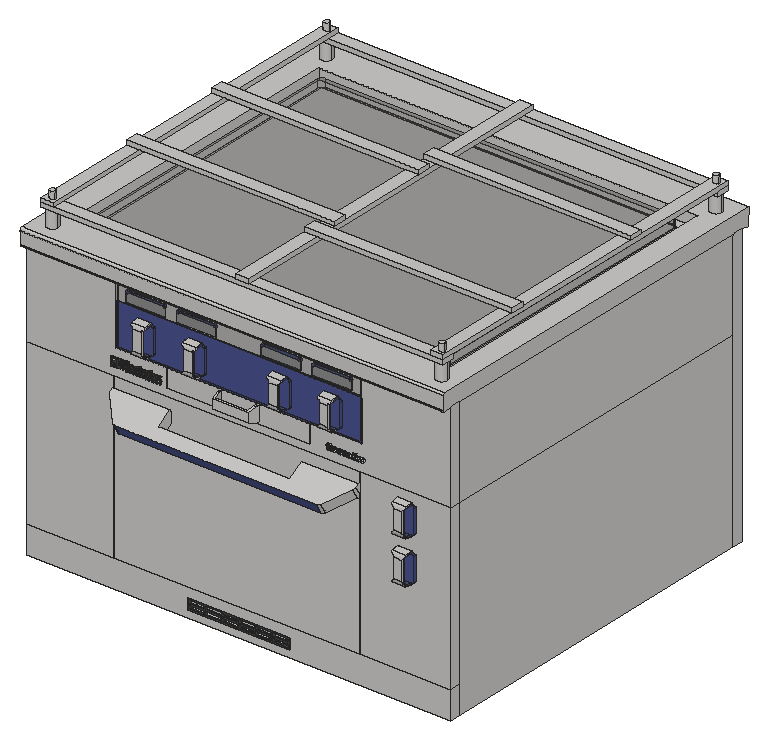
Revit family "QF_ELECTROLUXPROFESSIONAL_589882_MCLLEAJ8DM", category Specialty Equipment, Revit 2014
Parameters
  Weight in Pounds = 487.22
  URL Cutsheet = ""
  Type Mark [instance] = ""
  Specification by User [instance] = ""
  Specification by Manufacturer = ""
  Serial Number = ""
  Seismic Rating = ""
  SMACNA No = ""
  Revision Code [instance] = ""
  Omniclass Number and Title = ""
  NAFEM Spec ID Number = ""
  Model = "589585"
  Masterspec = ""
  Manufacturer = "ELECTROLUX"
  Item Number [instance] = ""
  Installed By [instance] = ""
  Identify Quantity as Lot [instance] = yes
  Furnished By [instance] = ""
  Foodservice Equipment Identifier [instance] = yes
  Description = "FULL IND+STAT.OVEN,TAP(L)1S,1200X900X700"
  CSI MasterFormat = ""
  CSI Master Format = ""
Reference planes
  plane 1 "BACK": y = 0
  plane 2: z = 0
  plane 3 "LEFT": x = -100
  plane 4 "RIGHT": x = 900
  plane 5 "FRONT": y = -900
  plane 6 "TOP": z = 900
  plane 7 "Center (Left/Right)": x = 400
  plane 8: y = -450
  plane 9: z = 200
  plane 10: y = -150
  plane 11 "Panel": y = -855
  plane 12: z = 798
  plane 13: z = 1327
  plane 14: x = -22
  plane 15: x = 822
  plane 16: y = -150
  plane 17: y = -650
  plane 18 "EIx": x = 855
  plane 19 "EIy": y = -685
  plane 20: y = -880
  plane 21 "G1": z = 940
  plane 22 "TOPG": z = 975
  plane 23 "G2": z = 950
  plane 24 "G3": z = 960
  plane 25: x = -60
  plane 26: y = -45
  plane 27: x = 860
Forms (mm)
  Extrusion 1, solid, material "QF_Finishes_Stainless Steel"
    sketch origin (-178.969, -4572, 200) x (-1, 0, 0) y (0, -1, 0)
      loop
        line (-78.969, -4527) -> (-78.969, -3717) -> (-1078.969, -3717) -> (-1078.969, -4527) -> (-78.969, -4527)
    from 450 to 663
  Extrusion 2, solid, material "QF_Finishes_Stainless Steel"
    sketch origin (-100, 0, 0) x (0, 1, 0) y (0, 0, 1)
      loop
        line (-855, 200) -> (-855, 265) -> (-880, 265) -> (-880, 200) -> (-855, 200)
    from 0 to 1000
  Extrusion 3, solid, material "QF_Finishes_Stainless Steel"
    sketch origin (-488.969, -4662, 200) x (-1, 0, 0) y (0, -1, 0)
      loop
        circle (-1343.969, -3977) r 6.35
    from 0 to -11.851
  Extrusion 4, solid, material "QF_Finishes_Stainless Steel"
    sketch origin (400, 296.4, 1219.2) x (0, 1, 0) y (0, 0, 1)
      loop
        line (-296.4, -319.2) -> (-1191.4, -319.2)
        arc (-1191.4, -319.2) -> (-1194.935, -320.664) -> (-1196.4, -324.2) r 5
        line (-1196.4, -324.2) -> (-1196.4, -355.2)
        arc (-1196.4, -355.2) -> (-1194.971, -358.264) -> (-1191.705, -359.139) r 4
        line (-1191.705, -359.139) -> (-1176.4, -356.231) -> (-316.4, -356.231) -> (-301.094, -359.139)
        arc (-301.094, -359.139) -> (-297.829, -358.264) -> (-296.4, -355.2) r 4
        line (-296.4, -355.2) -> (-296.4, -319.2)
    from -500 to 500
  Extrusion 5, solid, material "QF_Finishes_Electrolux_Black Smoke Iluminated"
    sketch origin (0, 0, 900) x (-1, 0, 0) y (0, -1, 0)
      loop
        arc (12, 109) -> (19.071, 111.929) -> (22, 119) r 10
        line (22, 119) -> (22, 780)
        arc (22, 780) -> (19.071, 787.071) -> (12, 790) r 10
        line (12, 790) -> (-812, 790)
        arc (-812, 790) -> (-819.071, 787.071) -> (-822, 780) r 10
        line (-822, 780) -> (-822, 119)
        arc (-822, 119) -> (-819.071, 111.929) -> (-812, 109) r 10
        line (-812, 109) -> (12, 109)
    from 0 to -20
  Extrusion 6, solid, material "QF_Finishes_Stainless Steel"
    sketch origin (-178.969, -4572, 200) x (-1, 0, 0) y (0, -1, 0)
      loop
        line (-78.969, -4527) -> (-78.969, -3717) -> (-1078.969, -3717) -> (-1078.969, -4527) -> (-78.969, -4527)
    from 450 to 0
  Extrusion 7, void
    sketch origin (0, -855, 0) x (-1, 0, 0) y (0, 0, 1)
      loop
        line (-520, 216.594) -> (-280, 216.594) -> (-280, 241.594) -> (-520, 241.594) -> (-520, 216.594)
    from 0 to -25
  Extrusion 8, solid, material "QF_Finishes_Black"
    sketch origin (0, -855, 0) x (-1, 0, 0) y (0, 0, 1)
      loop
        line (-280, 241.594) -> (-520, 241.594) -> (-520, 216.594) -> (-280, 216.594) -> (-280, 241.594)
      loop
        line (-282, 239.594) -> (-319.131, 239.594) -> (-319.131, 230.094) -> (-282, 230.094) -> (-282, 239.594)
      loop
        line (-282, 218.594) -> (-282, 228.094) -> (-319.131, 228.094) -> (-319.131, 218.594) -> (-282, 218.594)
      loop
        line (-321.131, 239.594) -> (-359.066, 239.594) -> (-359.066, 230.094) -> (-321.131, 230.094) -> (-321.131, 239.594)
      loop
        line (-399, 239.594) -> (-399, 230.094) -> (-361.066, 230.094) -> (-361.066, 239.594) -> (-399, 239.594)
      loop
        line (-401, 239.594) -> (-438.934, 239.594) -> (-438.934, 230.094) -> (-401, 230.094) -> (-401, 239.594)
      loop
        line (-359.066, 218.594) -> (-321.131, 218.594) -> (-321.131, 228.094) -> (-359.066, 228.094) -> (-359.066, 218.594)
      loop
        line (-361.066, 218.594) -> (-361.066, 228.094) -> (-399, 228.094) -> (-399, 218.594) -> (-361.066, 218.594)
      loop
        line (-401, 228.094) -> (-438.934, 228.094) -> (-438.934, 218.594) -> (-401, 218.594) -> (-401, 228.094)
      loop
        line (-518, 239.594) -> (-518, 230.094) -> (-480.869, 230.094) -> (-480.869, 239.594) -> (-518, 239.594)
      loop
        line (-518, 218.594) -> (-480.869, 218.594) -> (-480.869, 228.094) -> (-518, 228.094) -> (-518, 218.594)
      loop
        line (-478.869, 239.594) -> (-478.869, 230.094) -> (-440.934, 230.094) -> (-440.934, 239.594) -> (-478.869, 239.594)
      loop
        line (-440.934, 218.594) -> (-440.934, 228.094) -> (-478.869, 228.094) -> (-478.869, 218.594) -> (-440.934, 218.594)
    from -25.03 to -20
  Extrusion 9, void
    sketch origin (0, 0, 900) x (-1, 0, 0) y (0, -1, 0)
      loop
        line (47, 815) -> (-847, 815) -> (-847, 84) -> (47, 84) -> (47, 815)
    from 0 to -25
  Extrusion 10, solid, material "QF_Finishes_Stainless Steel"
    sketch origin (0, 0, 900) x (-1, 0, 0) y (0, -1, 0)
      loop
        line (18, 113) -> (18, 786) -> (-818, 786) -> (-818, 113) -> (18, 113)
    from -20 to -25
  Extrusion 11, solid, material "QF_Finishes_Stainless Steel"
    sketch origin (400, 296.4, 1219.169) x (0, 1, 0) y (0, 0, 1)
      loop
        line (-341.4, -356.2) -> (-341.4, -1019.169) -> (-316.4, -1019.169) -> (-316.4, -356.2) -> (-341.4, -356.2)
    from -500 to 500
  Extrusion 12, solid, material "QF_Finishes_Stainless Steel"
    sketch origin (0, 0, 940) x (0, 1, 0) y (-1, 0, 0)
      loop
        line (-30, 75) -> (-60, 75) -> (-60, -875) -> (-30, -875) -> (-30, 75)
      loop
        line (-870, 75) -> (-870, -875) -> (-840, -875) -> (-840, 75) -> (-870, 75)
      loop
        circle (-855, 60) r 6.5
      loop
        circle (-855, -860) r 6.5
      loop
        circle (-45, 60) r 6.5
      loop
        circle (-45, -860) r 6.5
    from 0 to 10
  Extrusion 13, solid, material "QF_Finishes_Stainless Steel"
    sketch origin (0, 0, 950) x (0, 1, 0) y (-1, 0, 0)
      loop
        line (-30, 75) -> (-870, 75) -> (-870, 45) -> (-30, 45) -> (-30, 75)
      loop
        line (-30, -875) -> (-30, -845) -> (-870, -845) -> (-870, -875) -> (-30, -875)
      loop
        line (-30, -415) -> (-30, -385) -> (-870, -385) -> (-870, -415) -> (-30, -415)
      loop
        circle (-45, 60) r 6.5
      loop
        circle (-45, -860) r 6.5
      loop
        circle (-855, 60) r 6.5
      loop
        circle (-855, -860) r 6.5
    from 0 to 10
  Extrusion 14, solid, material "QF_Finishes_Stainless Steel"
    sketch origin (0, 0, 960) x (0, 1, 0) y (-1, 0, 0)
      loop
        line (-336, 75) -> (-366, 75) -> (-366, -415) -> (-336, -415) -> (-336, 75)
      loop
        line (-586, 75) -> (-616, 75) -> (-616, -415) -> (-586, -415) -> (-586, 75)
      loop
        line (-286, -385) -> (-316, -385) -> (-316, -875) -> (-286, -875) -> (-286, -385)
      loop
        line (-636, -385) -> (-666, -385) -> (-666, -875) -> (-636, -875) -> (-636, -385)
    from 0 to 10
  Extrusion 15, solid, material "QF_Finishes_Stainless Steel"
    sketch origin (0, -1, 900) x (-1, 0, 0) y (0, -1, 0)
      loop
        circle (60, 44) r 13
      loop
        circle (-860, 44) r 13
      loop
        circle (60, 854) r 13
      loop
        circle (-860, 854) r 13
    from 0 to 40
  Extrusion 16, solid, material "QF_Finishes_Stainless Steel"
    sketch origin (0, -1, 940) x (0, 1, 0) y (-1, 0, 0)
      loop
        circle (-854, 60) r 6.5
      loop
        circle (-854, -860) r 6.5
      loop
        circle (-44, 60) r 6.5
      loop
        circle (-44, -860) r 6.5
    from 0 to 35
Cuts and joins
  Extrusion 7 cuts Extrusion 6
  Extrusion 7 cuts Extrusion 2
  Extrusion 9 cuts Extrusion 4
Lines and regions (mm)
  symbolic lines
    curve 1: line (-100, 0, 200) -> (900, 0, 200)
    curve 2: line (-100, -900, 200) -> (-100, 0, 200)
    curve 3: line (900, -900, 200) -> (-100, -900, 200)
    curve 4: line (900, 0, 200) -> (900, -900, 200)
    curve 5: line (812, -109, 200) -> (415, -109, 200)
    curve 6: line (-22, -119, 200) -> (-22, -780, 200)
    curve 7: line (-12, -790, 200) -> (385, -790, 200)
    curve 8: line (822, -780, 200) -> (822, -666, 200)
    curve 9: arc (-12, -109, 200) -> (-19.071, -111.929, 200) -> (-22, -119, 200) r 10
    curve 10: arc (822, -119, 200) -> (819.071, -111.929, 200) -> (812, -109, 200) r 10
    curve 11: arc (812, -790, 200) -> (819.071, -787.071, 200) -> (822, -780, 200) r 10
    curve 12: arc (-22, -780, 200) -> (-19.071, -787.071, 200) -> (-12, -790, 200) r 10
    curve 13: line (847, -84, 900) -> (415, -84, 900)
    curve 14: line (-45, -815, 900) -> (385, -815, 900)
    curve 31: line (875, -30, 940) -> (-75, -30, 940)
    curve 32: line (-75, -30, 940) -> (-75, -870, 940)
    curve 33: line (875, -870, 940) -> (875, -30, 940)
    curve 34: line (-75, -870, 940) -> (875, -870, 940)
    curve 35: line (-45, -870, 940) -> (-45, -616, 940)
    curve 36: line (-75, -616, 940) -> (415, -616, 940)
    curve 37: line (415, -586, 940) -> (-75, -586, 940)
    curve 38: line (385, -666, 940) -> (875, -666, 940)
    curve 39: line (875, -636, 940) -> (385, -636, 940)
    curve 40: line (385, -316, 940) -> (875, -316, 940)
    curve 41: line (875, -286, 940) -> (385, -286, 940)
    curve 42: line (-75, -366, 940) -> (415, -366, 940)
    curve 43: line (415, -336, 940) -> (-75, -336, 940)
    curve 44: line (-45, -30, 940) -> (-45, -336, 940)
    curve 45: line (-45, -366, 940) -> (-45, -586, 940)
    curve 46: line (-45, -616, 940) -> (-45, -870, 940)
    curve 47: line (-45, -840, 940) -> (385, -840, 940)
    curve 48: line (415, -840, 940) -> (845, -840, 940)
    curve 49: line (415, -870, 940) -> (415, -666, 940)
    curve 50: line (385, -616, 940) -> (385, -870, 940)
    curve 51: line (415, -636, 940) -> (415, -316, 940)
    curve 52: line (385, -366, 940) -> (385, -586, 940)
    curve 53: line (415, -30, 940) -> (415, -286, 940)
    curve 54: line (385, -336, 940) -> (385, -30, 940)
    curve 55: line (845, -30, 940) -> (845, -286, 940)
    curve 56: line (845, -316, 940) -> (845, -636, 940)
    curve 57: line (845, -666, 940) -> (845, -870, 940)
    curve 58: line (385, -84, 900) -> (-45, -84, 900)
    curve 59: line (385, -109, 200) -> (-12, -109, 200)
    curve 60: line (-45, -60, 940) -> (385, -60, 940)
    curve 61: line (415, -60, 940) -> (845, -60, 940)
    curve 62: line (415, -790, 200) -> (812, -790, 200)
    curve 63: line (415, -815, 900) -> (845, -815, 900)
    curve 64: circle (-60, -45, 940) r 6.5 normal (0, 0, -1)
    curve 65: circle (860, -45, 940) r 6.5 normal (0, 0, -1)
    curve 66: circle (-60, -855, 940) r 6.5 normal (0, 0, 1)
    curve 67: circle (860, -855, 940) r 6.5 normal (0, 0, 1)
    curve 68: line (822, -286, 200) -> (822, -119, 200)
    curve 69: line (822, -636, 200) -> (822, -316, 200)
  model lines, style "SpecialityEquipment"
    curve 15: arc (634, -211, 900) -> (580.967, -339.033, 900) -> (709, -286, 900) r 75
    curve 16: line (689, -286, 900) -> (729, -286, 900)
    curve 17: line (729, -286, 900) -> (709, -266, 900)
    curve 18: line (689, -286, 900) -> (709, -266, 900)
    curve 19: arc (166, -211, 900) -> (112.967, -339.033, 900) -> (241, -286, 900) r 75
    curve 20: line (221, -286, 900) -> (261, -286, 900)
    curve 21: line (261, -286, 900) -> (241, -266, 900)
    curve 22: line (221, -286, 900) -> (241, -266, 900)
    curve 23: arc (634, -539, 900) -> (580.967, -667.033, 900) -> (709, -614, 900) r 75
    curve 24: line (689, -614, 900) -> (729, -614, 900)
    curve 25: line (729, -614, 900) -> (709, -594, 900)
    curve 26: line (689, -614, 900) -> (709, -594, 900)
    curve 27: arc (166, -539, 900) -> (112.967, -667.033, 900) -> (241, -614, 900) r 75
    curve 28: line (221, -614, 900) -> (261, -614, 900)
    curve 29: line (261, -614, 900) -> (241, -594, 900)
    curve 30: line (221, -614, 900) -> (241, -594, 900)
Dimensions and locks
  plane 3 "LEFT" to plane 4 "RIGHT" = 1000 mm
  plane 5 "FRONT" to plane 1 "BACK" = 900 mm
  plane 3 "LEFT" to plane 7 "Center (Left/Right)" to plane 4 "RIGHT" = 500 mm, 500 mm
  plane 5 "FRONT" to plane 8 to plane 1 "BACK" = 450 mm, 450 mm
  plane 6 "TOP" to level = 900 mm  (x2)
  plane 9 to level = 200 mm
  plane 1 "BACK" to plane 10 to plane 11 "Panel" = 150 mm, 705 mm  (x2)
  plane 6 "TOP" to plane 9 to level = 700 mm, 200 mm
  plane 1 "BACK" to plane 5 "FRONT" = 900 mm
  plane 1 "BACK" to Extrusion 3 = 685 mm
  plane 12 to plane 9 = 598 mm
  plane 13 to plane 6 "TOP" = 427 mm
  plane 6 "TOP" to plane 12 = 102 mm
  plane 14 to plane 3 "LEFT" = 78 mm
  plane 15 to plane 4 "RIGHT" = 78 mm
  locked: plane 1 "BACK" to plane 16 at 150
  locked: plane 16 to plane 17 at 500
  plane 11 "Panel" to plane 5 "FRONT" = 45 mm
  plane 18 "EIx" to plane 4 "RIGHT" = 45 mm
  plane 19 "EIy" to plane 1 "BACK" = 685 mm
  locked: plane 11 "Panel" to plane 20 at 25
  plane 22 "TOPG" to plane 6 "TOP" = 75 mm
  plane 21 "G1" to plane 6 "TOP" = 40 mm
  plane 23 "G2" to plane 21 "G1" = 10 mm
  plane 24 "G3" to plane 23 "G2" = 10 mm
  aligned and locked: level to plane 2
  aligned and locked: Extrusion 2 to plane 4 "RIGHT"
  aligned and locked: cut or joined group of Extrusion 4, Extrusion 9 to plane 3 "LEFT"
  aligned and locked: cut or joined group of Extrusion 4, Extrusion 9 to plane 4 "RIGHT"
  aligned and locked: cut or joined group of Extrusion 6, Extrusion 7 to plane 4 "RIGHT"
  aligned and locked: cut or joined group of Extrusion 6, Extrusion 7 to plane 3 "LEFT"
  aligned and locked: nested 1 to plane 11 "Panel"
  aligned and locked: nested 4 to plane 11 "Panel"
  aligned and locked: Extrusion 1 to plane 11 "Panel"
  aligned and locked: plane 11 "Panel" to cut or joined group of Extrusion 2, Extrusion 7
  aligned and locked: nested 2 to plane 20
  aligned and locked: nested 3 to plane 20
  aligned and locked: Extrusion 11 to plane 4 "RIGHT"
  aligned and locked: Extrusion 1 to plane 3 "LEFT"
  aligned and locked: Extrusion 11 to plane 3 "LEFT"
  aligned and locked: Extrusion 1 to plane 4 "RIGHT"
  aligned and locked: plane 3 "LEFT" to nested 1
  aligned and locked: Extrusion 11 to plane 9
  aligned and locked: plane 22 "TOPG" to Extrusion 16
Nested families
  nested 1: "Door_Panel_W1000_A" at (400, -855, 0), type "Door_Panel_W1000_A"
  nested 2: "FIT Range Control Handle" at (795, -883.137, -372.751), type "FIT Range Control Handle"
  nested 3: "FIT Range Control Handle" at (795, -883.137, -474.751), type "FIT Range Control Handle"
  nested 4: "Front_Panel_W1000_Four Knobs_Marine" at (102.376, -855, 0), type "Front_Panel_W1000_Four Knobs_Marine"
Connectors
  electrical at (855, -685, 188.149)
    settings: on Extrusion 3, index 1, voltage 400 V, apparent load 33000 VA, apparent load phase1 0 VA, apparent load phase2 0 VA, apparent load phase3 0 VA, power factor 1, load classification "Other", number of poles 1, system type 30, power factor state 1, is connector primary yes, connector utility no, sub classification motor no, connector description "ELECTRICAL CONNECTION"
Definition of nested family "Door_Panel_W1000_A"
  Reference planes
    plane 1 "Center (Front/Back)": y = 0
    plane 2 "Ref. Level": z = 0
    plane 3: x = 500
    plane 4: x = -500
    plane 5 "Center (Left/Right)": x = 0
    plane 6: x = -295
    plane 7: x = 285
    plane 8 "Manopola": through (-6096, -50.059, 612.389) normal (0, -0.515, 0.8572)
    plane 9 "Top": z = 650
    plane 10: z = 265
    plane 11: z = 200
  Forms (mm)
    Extrusion 1, solid, material "QF_Finishes_Stainless Steel"
      sketch origin (0, 0, 0) x (0, 1, 0) y (0, 0, 1)
        loop
          line (-25.03, 650) -> (-25.03, 265) -> (0, 265) -> (0, 650) -> (-25.03, 650)
      from 285 to 500
    Extrusion 2, solid, material "QF_Finishes_Stainless Steel"
      sketch origin (0, 0, 0) x (0, 1, 0) y (0, 0, 1)
        loop
          line (-25.03, 650) -> (-25.03, 265) -> (0, 265) -> (0, 650) -> (-25.03, 650)
      from -500 to -295
    Extrusion 3, solid, material "QF_Finishes_Stainless Steel"
      sketch origin (0, 0, 0) x (0, 1, 0) y (0, 0, 1)
        loop
          line (-25.03, 650) -> (-25.03, 265) -> (0, 265) -> (0, 650) -> (-25.03, 650)
      from -295 to 285
    Extrusion 4, solid, material "QF_Finishes_Stainless Steel"
      sketch origin (0, -283.633, 472.044) x (0, 0.857167, 0.515038) y (-1, 0, 0)
        loop
          line (299.12, -285) -> (299.12, 295) -> (290.982, 295)
          arc (290.982, 295) -> (286.677, 294.026) -> (283.211, 291.293) r 10
          line (283.211, 291.293) -> (233.28, 250.86)
          arc (233.28, 250.86) -> (230.548, 247.394) -> (229.574, 243.089) r 10
          line (229.574, 243.089) -> (229.574, -233.089)
          arc (229.574, -233.089) -> (230.548, -237.394) -> (233.28, -240.86) r 10
          line (233.28, -240.86) -> (283.211, -281.293)
          arc (283.211, -281.293) -> (286.677, -284.026) -> (290.982, -285) r 10
          line (290.982, -285) -> (299.12, -285)
      from -27 to 0
    Extrusion 5, void
      sketch origin (0, 0, 0) x (0, 1, 0) y (0, 0, 1)
        loop
          line (-61.514, 605.507) -> (-47.608, 582.363) -> (-25.03, 595.93) -> (-25.03, 627.429) -> (-61.514, 605.507)
      from -160 to 150
    Extrusion 6, solid, material "QF_Door-Drawer Clearances", detail levels coarse
      sketch origin (0, 0, 0) x (0, 1, 0) y (0, 0, 1)
        loop
          line (-25.03, 265) -> (-25.03, 650)
          arc (-25.03, 650) -> (-297.266, 537.236) -> (-410.03, 265) r 385
          line (-410.03, 265) -> (-25.03, 265)
      from -295 to 285
  Cuts and joins
    Extrusion 5 cuts Extrusion 4
    joined: Extrusion 3, Extrusion 4
  Lines and regions (mm)
    symbolic lines
      curve 1: line (-287.355, -45.043, 0) -> (-250.86, -83.673, 0)
      curve 2: line (-243.089, -86.85, 0) -> (233.089, -86.85, 0)
      curve 3: line (240.86, -83.673, 0) -> (277.355, -45.043, 0)
      curve 4: arc (-243.089, -86.85, 0) -> (-247.318, -86.101, 0) -> (-250.86, -83.673, 0) r 10.165
      curve 5: arc (233.089, -86.85, 0) -> (237.318, -86.101, 0) -> (240.86, -83.673, 0) r 10.165
    symbolic lines, style "SpecialityEquipmentHiddenLines"
      curve 6: line (-295, -45.043, 0) -> (-295, -410.03, 0)
      curve 7: line (-295, -410.03, 0) -> (285, -410.03, 0)
      curve 8: line (285, -410.03, 0) -> (285, -45.03, 0)
  Dimensions and locks
    plane 3 to plane 4 = 1000 mm
    plane 4 to plane 3 = 1000 mm
    equal spacing: plane 3, plane 5 "Center (Left/Right)", plane 4
    plane 6 to plane 4 = 205 mm
    plane 3 to plane 7 = 215 mm
    plane 11 to level = 200 mm
    plane 10 to plane 11 = 65 mm
    plane 10 to plane 9 "Top" = 385 mm
    plane 9 "Top" to plane 11 = 450 mm
    aligned and locked: plane 3 to Extrusion 1
    aligned and locked: cut or joined group of Extrusion 3, Extrusion 4, Extrusion 5 to plane 6
    aligned and locked: cut or joined group of Extrusion 3, Extrusion 4, Extrusion 5 to plane 7
    aligned and locked: plane 7 to Extrusion 1
    aligned and locked: plane 6 to Extrusion 2
    aligned and locked: Extrusion 2 to plane 4
    aligned and locked: plane 10 to Extrusion 2
    aligned and locked: plane 10 to cut or joined group of Extrusion 3, Extrusion 4, Extrusion 5
    aligned and locked: plane 10 to Extrusion 1
    aligned and locked: Extrusion 6 to plane 6
    aligned and locked: Extrusion 6 to plane 7
  Automatic sketch dimensions
    Extrusion 5 sketch curve to plane 8 "Manopola" = 0 mm  (x2)
    plane 1 "Center (Front/Back)" to Extrusion 5 sketch curve = 61.514 mm
    Extrusion 5 sketch curve to Extrusion 5 sketch curve = 13.906 mm
    plane 1 "Center (Front/Back)" to Extrusion 5 sketch curve = 25.03 mm
    Extrusion 4 sketch curve to plane 7 = 0 mm
    Extrusion 4 sketch curve to plane 6 = 0 mm
    plane 6 to Extrusion 4 sketch curve = 51.911 mm
    plane 7 to Extrusion 4 sketch curve = 44.14 mm
    Extrusion 4 sketch curve to Extrusion 4 sketch curve = 3.707 mm  (x2)
    plane 6 to Extrusion 4 sketch curve = 44.14 mm
    plane 7 to Extrusion 4 sketch curve = 3.707 mm
    Extrusion 4 sketch curve to Extrusion 4 sketch curve = 49.93 mm  (x2)
    plane 6 to Extrusion 4 sketch curve = 3.707 mm
    Extrusion 4 sketch curve to Extrusion 4 sketch curve = 7.771 mm  (x3)
    Extrusion 4 sketch curve to Extrusion 4 sketch curve = 8.138 mm
    Extrusion 2 sketch curve to plane 1 "Center (Front/Back)" = 0 mm
    Extrusion 3 sketch curve to plane 1 "Center (Front/Back)" = 0 mm
    Extrusion 1 sketch curve to plane 1 "Center (Front/Back)" = 0 mm
    Extrusion 2 sketch curve to plane 9 "Top" = 0 mm
    Extrusion 2 sketch curve to Extrusion 2 sketch curve = 25.03 mm
    Extrusion 3 sketch curve to plane 9 "Top" = 0 mm
    Extrusion 3 sketch curve to Extrusion 3 sketch curve = 25.03 mm
    Extrusion 1 sketch curve to plane 9 "Top" = 0 mm
    plane 1 "Center (Front/Back)" to Extrusion 1 sketch curve = 25.03 mm
    level to Extrusion 1 sketch curve = 265 mm
    level to Extrusion 2 sketch curve = 265 mm
    level to Extrusion 3 sketch curve = 265 mm
    plane 10 to Extrusion 6 sketch curve = 0 mm
    Extrusion 6 sketch curve to plane 9 "Top" = 0 mm
    plane 1 "Center (Front/Back)" to Extrusion 6 sketch curve = 25.03 mm
    curve 7 to plane 7 = 0 mm
    plane 6 to curve 1 = 44.14 mm
    curve 4 to curve 4 = 7.389 mm
    curve 4 to curve 2 = 7.771 mm
    plane 7 to curve 2 = 51.911 mm
    curve 2 to curve 5 = 0.382 mm
    curve 2 to curve 3 = 7.771 mm
    plane 1 "Center (Front/Back)" to curve 6 = 410.03 mm
    plane 1 "Center (Front/Back)" to curve 2 = 86.85 mm
    curve 2 to curve 3 = 3.177 mm
    curve 2 to curve 1 = 3.177 mm
    plane 7 to curve 3 = 7.645 mm
    plane 1 "Center (Front/Back)" to curve 3 = 45.043 mm
    curve 3 to curve 8 = 0.013 mm
    curve 7 to plane 6 = 0 mm
    curve 6 to curve 1 = 7.645 mm
    plane 1 "Center (Front/Back)" to curve 1 = 45.043 mm
    curve 6 to curve 1 = 0 mm
Definition of nested family "FIT Range Control Handle"
  Reference planes
    plane 1 "Center (Front/Back)": y = 0
    plane 2: z = 0
    plane 3 "Center (Left/Right)": x = 0
    plane 4: z = 971.092
    plane 5: y = -16.8
  Forms (mm)
    Extrusion 1, solid, material "QF_Finishes_Electrolux Cyan"
      sketch origin (-746.28, 380.497, 208.931) x (-1, 0, 0) y (0, 0, 1)
        loop
          line (-770.101, 786.798) -> (-770.101, 731.649)
          arc (-770.101, 731.649) -> (-769.759, 730.563) -> (-768.855, 729.87) r 1.893
          line (-768.855, 729.87) -> (-763.474, 727.911) -> (-729.81, 727.911) -> (-724.428, 729.87)
          arc (-724.428, 729.87) -> (-723.525, 730.563) -> (-723.183, 731.649) r 1.893
          line (-723.183, 731.649) -> (-723.183, 786.798)
          arc (-723.183, 786.798) -> (-723.529, 787.894) -> (-724.44, 788.593) r 1.91
          line (-724.44, 788.593) -> (-729.683, 790.819) -> (-763.601, 790.819) -> (-768.844, 788.593)
          arc (-768.844, 788.593) -> (-769.755, 787.894) -> (-770.101, 786.798) r 1.91
      from -382.35 to -378.852
    Sweep 2, solid, material "QF_Finishes_Electrolux Cyan"
      path origin (-746.788, 380.496, 208.091) x (0, -1, 0) y (0, 0, 1)
        loop
          line (379.775, 793.281) -> (395.661, 791.048)
          arc (395.661, 791.048) -> (397.781, 787.377) -> (398.517, 783.202) r 12.207
          line (398.517, 783.202) -> (398.517, 737.368)
          arc (398.517, 737.368) -> (397.781, 733.193) -> (395.661, 729.522) r 12.207
          line (395.661, 729.522) -> (379.775, 727.289)
      profile origin (-746.788, -7.222, 1000.256) x (0, -0.139173, 0.990268) y (-1, 0, 0)
        loop
          line (0.782, -763.123) -> (0.782, -730.907) -> (-1.322, -730.907) -> (-1.322, -763.123) -> (0.782, -763.123)
    Sweep 3, solid, material "QF_Finishes_Stainless Steel"
      path origin (-746.788, 380.715, 207.832) x (0, -1, 0) y (0, 0, 1)
        loop
          line (380.478, 795.442) -> (397.218, 793.09)
          arc (397.218, 793.09) -> (399.929, 788.473) -> (400.871, 783.202) r 15.207
          line (400.871, 783.202) -> (400.871, 737.584)
          arc (400.871, 737.584) -> (399.914, 732.274) -> (397.164, 727.633) r 15.207
          line (397.164, 727.633) -> (380.601, 725.305)
      profile origin (-746.788, -8.132, 1002.099) x (0, -0.139173, 0.990268) y (-1, 0, 0)
        loop
          line (0.782, -763.123) -> (0.782, -730.907) -> (-1.322, -730.907) -> (-1.322, -763.123) -> (0.782, -763.123)
    Extrusion 4, void
      sketch origin (889.253, 220.666, 207.993) x (1, 0, 0) y (0, 0, 1)
        loop
          line (-943.038, 816.854) -> (-943.038, 703.686) -> (-899.466, 734.196) -> (-899.466, 786.344) -> (-943.038, 816.854)
      from 230.636 to 242.25
    Extrusion 5, void
      sketch origin (-888.8, 220.666, 207.993) x (-1, 0, 0) y (0, 0, -1)
        loop
          line (-943.038, -816.854) -> (-899.466, -786.344) -> (-899.466, -734.196) -> (-943.038, -703.686) -> (-943.038, -816.854)
      from 230.636 to 242.25
    Extrusion 6, solid, material "QF_Finishes_Electrolux Cyan"
      sketch origin (0, 0, 0) x (1, 0, 0) y (0, 0, 1)
        loop
          circle (0, 971.092) r 7.736
      from -3.137 to -1.645
  Cuts and joins
    Extrusion 4, Extrusion 5 cuts Sweep 3
    Extrusion 4, Extrusion 5 cuts Sweep 2
    joined: Extrusion 1, Extrusion 6
  Lines and regions (mm)
    symbolic lines
      curve 1: line (-15.881, -19.189, 0) -> (-15.881, -16.8, 0)
      curve 2: line (16.334, -19.189, 0) -> (16.334, -16.8, 0)
      curve 3: spline (-15.881, -19.189, 0) -> (-15.417, -19.349, 0) -> (-14.951, -19.501, 0) -> (-14.483, -19.646, 0) -> (-14.014, -19.783, 0) -> (-13.543, -19.912, 0) -> (-13.071, -20.033, 0) -> (-12.597, -20.146, 0) -> (-12.122, -20.251, 0) -> (-11.646, -20.349, 0) -> (-11.169, -20.438, 0) -> (-10.691, -20.52, 0) -> (-10.213, -20.593, 0)
      curve 4: spline (10.666, -20.593, 0) -> (11.144, -20.52, 0) -> (11.622, -20.438, 0) -> (12.099, -20.349, 0) -> (12.575, -20.251, 0) -> (13.05, -20.146, 0) -> (13.524, -20.033, 0) -> (13.996, -19.912, 0) -> (14.467, -19.783, 0) -> (14.936, -19.646, 0) -> (15.404, -19.501, 0) -> (15.87, -19.349, 0) -> (16.334, -19.189, 0)
      curve 5: line (-10.213, -20.938, 0) -> (10.716, -20.938, 0)
  Dimensions and locks
    cut or joined group of Sweep 3, Extrusion 4, Extrusion 5 to cut or joined group of Sweep 3, Extrusion 4, Extrusion 5 = 71.686 mm
Definition of nested family "Front_Panel_W1000_Four Knobs_Marine"
  Reference planes
    plane 1 "Center (Front/Back)": y = 0
    plane 2: z = 0
    plane 3 "Center (Left/Right)": x = 297.624
    plane 4 "Left": x = -202.376
    plane 5 "Right": x = 797.624
    plane 6: y = -45
    plane 7: x = 77.624
    plane 8: x = 197.624
    plane 9: y = -310
    plane 10: y = -25
    plane 11: x = -2.376
    plane 12: x = 397.624
    plane 13: x = 517.624
    plane 14: x = 594.715
  Forms (mm)
    Extrusion 1, solid, material "QF_Finishes_Stainless Steel"
      sketch origin (833.217, 829.203, -1.25) x (0, 1, 0) y (0, 0, 1)
        loop
          line (-854.203, 651.25) -> (-829.203, 651.25) -> (-829.203, 864.25) -> (-854.203, 864.25) -> (-854.203, 651.25)
      from -1035.593 to -35.593
    Extrusion 2, void
      sketch origin (0, 0, 0) x (1, 0, 0) y (0, 0, 1)
        loop
          line (7.624, 853.866) -> (7.624, 711.866) -> (587.624, 711.866) -> (587.624, 853.866) -> (7.624, 853.866)
      from 19.387 to 33.951
    Extrusion 3, void
      sketch origin (0, 0, 0) x (1, 0, 0) y (0, 0, 1)
        loop
          line (128.624, 711.866) -> (128.624, 668.866) -> (466.624, 668.866) -> (466.624, 711.866) -> (128.624, 711.866)
      from 19.387 to 25
    Extrusion 4, solid, material "QF_Finishes_Stainless Steel"
      sketch origin (150, 0, 1) x (1, 0, 0) y (0, 0, 1)
        loop
          line (-21.376, 710.866) -> (-21.376, 667.866) -> (316.624, 667.866) -> (316.624, 710.866) -> (-21.376, 710.866)
      from 19.387 to 25
    Extrusion 5, solid, material "QF_Finishes_Stainless Steel"
      sketch origin (150, 0, 1) x (1, 0, 0) y (0, 1, 0)
        loop
          line (106.059, -25) -> (100.966, -25) -> (105.646, -49.075) -> (189.603, -49.075) -> (194.283, -25) -> (189.189, -25) -> (185.481, -44.075) -> (109.767, -44.075) -> (106.059, -25)
      from 672.593 to 705.67
    Extrusion 6, void
      sketch origin (297.624, 0, 1) x (0, 1, 0) y (0, 0, 1)
        loop
          line (-30, 705.67) -> (-30, 710.67) -> (-56.744, 710.67) -> (-56.744, 667.593) -> (-30, 667.593) -> (-30, 672.593) -> (-53.776, 680.318) -> (-53.776, 697.945) -> (-30, 705.67)
      from -50 to 50
    Extrusion 7, solid, material "QF_Door-Drawer Clearances", detail levels coarse
      sketch origin (150, -265, 1) x (1, 0, 0) y (0, 1, 0)
        loop
          line (106.164, -71.744) -> (189.084, -71.744) -> (194.283, -45) -> (316.624, -45) -> (316.624, 240) -> (-21.376, 240) -> (-21.376, -45) -> (100.966, -45) -> (106.164, -71.744)
      from 672.593 to 705.67
    Extrusion 8, void
      sketch origin (297.624, -280, 1) x (0, 1, 0) y (0, 0, 1)
        loop
          line (-30, 705.67) -> (-30, 710.67) -> (-56.744, 710.67) -> (-56.744, 667.593) -> (-30, 667.593) -> (-30, 672.593) -> (-53.776, 680.318) -> (-53.776, 697.945) -> (-30, 705.67)
      from -50 to 50
  Cuts and joins
    Extrusion 2, Extrusion 3 cuts Extrusion 1
    Extrusion 6 cuts Extrusion 5
    Extrusion 6, Extrusion 8 cuts Extrusion 7
  Lines and regions (mm)
    symbolic lines, style "SpecialityEquipmentHiddenLines"
      curve 1: line (128.624, -45, 0) -> (128.624, -310, 0)
      curve 2: line (128.624, -310, 0) -> (466.624, -310, 0)
      curve 3: line (466.624, -310, 0) -> (466.624, -45, 0)
      curve 4: line (128.624, -300, 0) -> (466.624, -300, 0)
      curve 5: line (250.908, -309.701, 0) -> (255.587, -333.776, 0)
      curve 6: line (255.587, -333.776, 0) -> (339.545, -333.776, 0)
      curve 7: line (339.545, -333.776, 0) -> (344.225, -309.701, 0)
      curve 8: line (256.059, -310, 0) -> (259.709, -328.776, 0)
      curve 9: line (259.709, -328.776, 0) -> (335.423, -328.776, 0)
      curve 10: line (335.423, -328.776, 0) -> (339.073, -310, 0)
  Dimensions and locks
    equal spacing: plane 5 "Right", plane 3 "Center (Left/Right)", plane 4 "Left"
    plane 5 "Right" to plane 4 "Left" = 1000 mm
    plane 3 "Center (Left/Right)" to plane 7 = 220 mm
    plane 3 "Center (Left/Right)" to plane 8 = 100 mm
    plane 6 to plane 9 = 265 mm
    plane 13 to plane 3 "Center (Left/Right)" = 220 mm
    plane 12 to plane 3 "Center (Left/Right)" = 100 mm
    aligned and locked: cut or joined group of Extrusion 1, Extrusion 2, Extrusion 3 to plane 4 "Left"
    aligned and locked: plane 5 "Right" to cut or joined group of Extrusion 1, Extrusion 2, Extrusion 3
    aligned and locked: plane 3 "Center (Left/Right)" to nested 2
    aligned and locked: cut or joined group of Extrusion 1, Extrusion 2, Extrusion 3 to nested 2
  Automatic sketch dimensions
    plane 7 to Extrusion 3 sketch curve = 51 mm
    plane 3 "Center (Left/Right)" to Extrusion 3 sketch curve = 169 mm
    level to Extrusion 3 sketch curve = 668.866 mm
    Extrusion 3 sketch curve to Extrusion 3 sketch curve = 43 mm
    Extrusion 1 sketch curve to plane 1 "Center (Front/Back)" = 0 mm
    level to Extrusion 1 sketch curve = 650 mm
    plane 4 "Left" to Extrusion 2 sketch curve = 210 mm
    Extrusion 2 sketch curve to plane 5 "Right" = 210 mm
    level to Extrusion 2 sketch curve = 711.866 mm
    Extrusion 2 sketch curve to Extrusion 2 sketch curve = 142 mm
    Extrusion 1 sketch curve to plane 6 = 20 mm
    Extrusion 1 sketch curve to Extrusion 1 sketch curve = 213 mm
    plane 7 to Extrusion 4 sketch curve = 51 mm
    Extrusion 4 sketch curve to plane 13 = 51 mm
    level to Extrusion 4 sketch curve = 668.866 mm
    Extrusion 4 sketch curve to Extrusion 4 sketch curve = 43 mm
    plane 10 to Extrusion 5 sketch curve = 0 mm  (x2)
    Extrusion 5 sketch curve to plane 3 "Center (Left/Right)" = 46.658 mm
    plane 6 to Extrusion 5 sketch curve = 4.075 mm
    Extrusion 5 sketch curve to Extrusion 5 sketch curve = 4.68 mm
    Extrusion 5 sketch curve to Extrusion 5 sketch curve = 5.094 mm  (x2)
    Extrusion 5 sketch curve to plane 6 = 0.925 mm
    Extrusion 5 sketch curve to Extrusion 5 sketch curve = 4.122 mm  (x2)
    plane 3 "Center (Left/Right)" to Extrusion 5 sketch curve = 37.857 mm
    Extrusion 5 sketch curve to Extrusion 5 sketch curve = 3.708 mm
    plane 6 to Extrusion 6 sketch curve = 11.744 mm
    plane 6 to Extrusion 6 sketch curve = 8.776 mm
    plane 10 to Extrusion 6 sketch curve = 5 mm  (x2)
    level to Extrusion 6 sketch curve = 668.593 mm
    Extrusion 6 sketch curve to Extrusion 6 sketch curve = 5 mm
    Extrusion 6 sketch curve to Extrusion 6 sketch curve = 12.725 mm  (x2)
    Extrusion 6 sketch curve to Extrusion 6 sketch curve = 17.627 mm
    Extrusion 6 sketch curve to Extrusion 6 sketch curve = 7.725 mm
    plane 10 to Extrusion 7 sketch curve = 0 mm
    Extrusion 7 sketch curve to plane 9 = 0 mm  (x2)
    plane 7 to Extrusion 7 sketch curve = 51 mm
    Extrusion 7 sketch curve to plane 3 "Center (Left/Right)" = 46.658 mm
    Extrusion 7 sketch curve to Extrusion 7 sketch curve = 5.199 mm  (x2)
    plane 3 "Center (Left/Right)" to Extrusion 7 sketch curve = 41.46 mm
    Extrusion 7 sketch curve to plane 13 = 51 mm
    Extrusion 7 sketch curve to plane 9 = 26.744 mm
    Extrusion 8 sketch curve to plane 9 = 0 mm  (x2)
    Extrusion 8 sketch curve to plane 9 = 23.776 mm
    Extrusion 8 sketch curve to Extrusion 8 sketch curve = 2.968 mm
    level to Extrusion 8 sketch curve = 668.593 mm
    Extrusion 8 sketch curve to Extrusion 8 sketch curve = 5 mm
    Extrusion 8 sketch curve to Extrusion 8 sketch curve = 12.725 mm  (x2)
    Extrusion 8 sketch curve to Extrusion 8 sketch curve = 17.627 mm
    Extrusion 8 sketch curve to Extrusion 8 sketch curve = 7.725 mm
    curve 1 to plane 9 = 0 mm
    plane 6 to curve 1 = 0 mm
    plane 6 to curve 3 = 0 mm
    plane 7 to curve 1 = 51 mm
    curve 5 to plane 3 "Center (Left/Right)" = 42.037 mm
    curve 5 to curve 9 = 4.122 mm
    curve 9 to plane 9 = 18.776 mm
    plane 3 "Center (Left/Right)" to curve 9 = 37.799 mm
    curve 9 to curve 7 = 4.122 mm
    curve 3 to plane 13 = 51 mm
    curve 7 to curve 9 = 5 mm
    plane 9 to curve 5 = 0.299 mm
    curve 5 to curve 8 = 8.801 mm
    curve 5 to curve 8 = 5.152 mm
    curve 9 to curve 10 = 3.65 mm
    plane 9 to curve 7 = 0.299 mm
    curve 10 to curve 7 = 5.152 mm
    curve 1 to curve 4 = 10 mm
  Nested families
    nested 1: "Range Control Handle" at (77.624, -28.137, -209.113) x (-1, 0, 0) z (0, 0, 1), type "Range Control Handle"
    nested 2: "Front glass control panel W1000_Marine" at (297.624, 280.644, 2.752), type "Front glass control panel W1000_Marine"
    nested 3: "Range Control Handle" at (197.624, -28.137, -209.113) x (-1, 0, 0) z (0, 0, 1), type "Range Control Handle"
    nested 4: "Range Control Handle" at (397.624, -28.137, -209.113), type "Range Control Handle"
    nested 5: "Range Control Handle" at (517.624, -28.137, -209.113), type "Range Control Handle"
    nested 6: "ELX_ThermaLine_Small" at (546.122, -25, 679.426) x (1, 0, 0) z (0, -1, 0), type "ELX_ThermaLine_Small"
      with Show Logo yes, Material_Logo QF_Finishes_Black
    nested 7: "ELX_Professional_Logo_Small" at (57.11, -25, 681.659) x (1, 0, 0) z (0, -1, 0), type "ELX_Professional_Logo_Small"
      with Show Logo yes, Material_Logo QF_Finishes_Black
  Definition of nested family "Range Control Handle"
    Reference planes
      plane 1 "Center (Front/Back)": y = 0
      plane 2: z = 0
      plane 3 "Center (Left/Right)": x = 0
      plane 4: z = 971.092
      plane 5: y = -16.9
    Forms (mm)
      Extrusion 1, solid, material "QF_Finishes_Electrolux Cyan"
        sketch origin (-746.28, 380.497, 208.931) x (-1, 0, 0) y (0, 0, 1)
          loop
            line (-770.101, 786.798) -> (-770.101, 731.649)
            arc (-770.101, 731.649) -> (-769.759, 730.563) -> (-768.855, 729.87) r 1.893
            line (-768.855, 729.87) -> (-763.474, 727.911) -> (-729.81, 727.911) -> (-724.428, 729.87)
            arc (-724.428, 729.87) -> (-723.525, 730.563) -> (-723.183, 731.649) r 1.893
            line (-723.183, 731.649) -> (-723.183, 786.798)
            arc (-723.183, 786.798) -> (-723.529, 787.894) -> (-724.44, 788.593) r 1.91
            line (-724.44, 788.593) -> (-729.683, 790.819) -> (-763.601, 790.819) -> (-768.844, 788.593)
            arc (-768.844, 788.593) -> (-769.755, 787.894) -> (-770.101, 786.798) r 1.91
        from -382.35 to -378.852
      Sweep 2, solid, material "QF_Finishes_Electrolux Cyan"
        path origin (-746.788, 380.496, 208.091) x (0, -1, 0) y (0, 0, 1)
          loop
            line (379.775, 793.281) -> (395.661, 791.048)
            arc (395.661, 791.048) -> (397.781, 787.377) -> (398.517, 783.202) r 12.207
            line (398.517, 783.202) -> (398.517, 737.368)
            arc (398.517, 737.368) -> (397.781, 733.193) -> (395.661, 729.522) r 12.207
            line (395.661, 729.522) -> (379.775, 727.289)
        profile origin (-746.788, -7.222, 1000.256) x (0, -0.139173, 0.990268) y (-1, 0, 0)
          loop
            line (0.782, -763.123) -> (0.782, -730.907) -> (-1.322, -730.907) -> (-1.322, -763.123) -> (0.782, -763.123)
      Sweep 3, solid, material "QF_Finishes_Stainless Steel"
        path origin (-746.788, 380.715, 207.832) x (0, -1, 0) y (0, 0, 1)
          loop
            line (380.478, 795.442) -> (397.218, 793.09)
            arc (397.218, 793.09) -> (399.929, 788.473) -> (400.871, 783.202) r 15.207
            line (400.871, 783.202) -> (400.871, 737.584)
            arc (400.871, 737.584) -> (399.914, 732.274) -> (397.164, 727.633) r 15.207
            line (397.164, 727.633) -> (380.601, 725.305)
        profile origin (-746.788, -8.132, 1002.099) x (0, -0.139173, 0.990268) y (-1, 0, 0)
          loop
            line (0.782, -763.123) -> (0.782, -730.907) -> (-1.322, -730.907) -> (-1.322, -763.123) -> (0.782, -763.123)
      Extrusion 4, void
        sketch origin (889.253, 220.666, 207.993) x (1, 0, 0) y (0, 0, 1)
          loop
            line (-943.038, 816.854) -> (-943.038, 703.686) -> (-899.466, 734.196) -> (-899.466, 786.344) -> (-943.038, 816.854)
        from 230.636 to 242.25
      Extrusion 5, void
        sketch origin (-888.8, 220.666, 207.993) x (-1, 0, 0) y (0, 0, -1)
          loop
            line (-943.038, -816.854) -> (-899.466, -786.344) -> (-899.466, -734.196) -> (-943.038, -703.686) -> (-943.038, -816.854)
        from 230.636 to 242.25
      Extrusion 6, solid, material "QF_Finishes_Electrolux Cyan"
        sketch origin (0, 0, 0) x (1, 0, 0) y (0, 0, 1)
          loop
            circle (0, 971.092) r 7.736
        from -3.137 to -1.645
    Cuts and joins
      Extrusion 4, Extrusion 5 cuts Sweep 3
      Extrusion 4, Extrusion 5 cuts Sweep 2
      joined: Extrusion 1, Extrusion 6
    Lines and regions (mm)
      symbolic lines
        curve 1: line (16.334, -16.9, 0) -> (16.334, -19.227, 0)
        curve 2: spline (16.334, -19.227, 0) -> (15.87, -19.385, 0) -> (15.404, -19.536, 0) -> (14.936, -19.678, 0) -> (14.466, -19.813, 0) -> (13.995, -19.94, 0) -> (13.523, -20.059, 0) -> (13.049, -20.171, 0) -> (12.575, -20.274, 0) -> (12.099, -20.37, 0) -> (11.622, -20.458, 0) -> (11.144, -20.537, 0) -> (10.666, -20.609, 0)
        curve 3: line (10.666, -16.9, 0) -> (10.666, -20.938, 0)
        curve 4: line (-10.213, -20.938, 0) -> (10.666, -20.938, 0)
        curve 5: line (-10.213, -20.938, 0) -> (-10.213, -16.9, 0)
        curve 6: spline (-10.213, -20.609, 0) -> (-10.691, -20.537, 0) -> (-11.169, -20.458, 0) -> (-11.646, -20.37, 0) -> (-12.122, -20.274, 0) -> (-12.597, -20.171, 0) -> (-13.07, -20.059, 0) -> (-13.542, -19.94, 0) -> (-14.013, -19.813, 0) -> (-14.483, -19.678, 0) -> (-14.951, -19.536, 0) -> (-15.417, -19.385, 0) -> (-15.881, -19.227, 0)
        curve 7: line (-15.881, -19.227, 0) -> (-15.881, -16.9, 0)
  Definition of nested family "Front glass control panel W1000_Marine"
    Reference planes
      plane 1 "Center (Front/Back)": y = 0
      plane 2: z = 0
      plane 3 "Center (Left/Right)": x = 0
      plane 4: x = -220
      plane 5: x = -100
      plane 6: x = 100
      plane 7: x = 220
    Forms (mm)
      Extrusion 1, solid, material "QF_Finishes_Electrolux Cyan"
        sketch origin (378.286, 0, 0.617) x (1, 0, 0) y (0, 0, 1)
          loop
            line (-668.286, 806.791) -> (-668.286, 708.497) -> (-88.286, 708.497) -> (-88.286, 806.791) -> (-668.286, 806.791)
        from 300.031 to 304.8
      Extrusion 2, solid, material "QF_Finishes_Electrolux_Black"
        sketch origin (378.286, 0, 0.617) x (1, 0, 0) y (0, 0, 1)
          loop
            line (-668.286, 850.497) -> (-668.286, 806.791) -> (-88.286, 806.791) -> (-88.286, 850.497) -> (-668.286, 850.497)
        from 300.031 to 304.8
      Extrusion 3, void
        sketch origin (378.286, 0, 0.617) x (1, 0, 0) y (0, 0, 1)
          loop
            line (-665.628, 847.565) -> (-665.628, 710.699) -> (-91.196, 710.699) -> (-91.196, 847.565) -> (-665.628, 847.565)
        from 303.697 to 304.8
      Extrusion 4, solid, material "QF_Finishes_Electrolux_Black Smoke Iluminated"
        sketch origin (-408.309, 1.101, -0.633) x (-1, 0, 0) y (0, 0, -1)
          loop
            line (-261.431, -812.62) -> (-355.186, -812.62) -> (-355.186, -834.177) -> (-350.269, -834.177) -> (-348.469, -835.977) -> (-268.039, -835.977) -> (-266.24, -834.177) -> (-261.431, -834.177) -> (-261.431, -812.62)
        from 304.798 to 306.745
      Extrusion 5, solid, material "QF_Finishes_Electrolux_Royal Blue Illuminated"
        sketch origin (-408.309, 1.101, -0.633) x (-1, 0, 0) y (0, 0, -1)
          loop
            line (-350.269, -834.177) -> (-355.078, -834.177)
            arc (-355.078, -834.177) -> (-353.942, -838.747) -> (-349.686, -840.763) r 5.5
            line (-349.686, -840.763) -> (-266.98, -840.763)
            arc (-266.98, -840.763) -> (-262.706, -838.752) -> (-261.529, -834.177) r 5.549
            line (-261.529, -834.177) -> (-266.24, -834.177) -> (-268.039, -835.977) -> (-348.469, -835.977) -> (-350.269, -834.177)
        from 304.798 to 306.745
      Extrusion 6, solid, material "QF_Finishes_Electrolux_Black Smoke Iluminated"
        sketch origin (-528.309, 1.101, -0.633) x (-1, 0, 0) y (0, 0, -1)
          loop
            line (-261.431, -812.62) -> (-355.186, -812.62) -> (-355.186, -834.177) -> (-350.269, -834.177) -> (-348.469, -835.977) -> (-268.039, -835.977) -> (-266.24, -834.177) -> (-261.431, -834.177) -> (-261.431, -812.62)
        from 304.798 to 306.745
      Extrusion 7, solid, material "QF_Finishes_Electrolux_Royal Blue Illuminated"
        sketch origin (-528.309, 1.101, -0.633) x (-1, 0, 0) y (0, 0, -1)
          loop
            line (-350.269, -834.177) -> (-355.078, -834.177)
            arc (-355.078, -834.177) -> (-353.942, -838.747) -> (-349.686, -840.763) r 5.5
            line (-349.686, -840.763) -> (-266.98, -840.763)
            arc (-266.98, -840.763) -> (-262.706, -838.752) -> (-261.529, -834.177) r 5.549
            line (-261.529, -834.177) -> (-266.24, -834.177) -> (-268.039, -835.977) -> (-348.469, -835.977) -> (-350.269, -834.177)
        from 304.798 to 306.745
      Extrusion 8, solid, material "QF_Finishes_Electrolux_Black Smoke Iluminated"
        sketch origin (408.309, 1.101, -0.633) x (1, 0, 0) y (0, 0, 1)
          loop
            line (-261.431, 812.62) -> (-261.431, 834.177) -> (-266.24, 834.177) -> (-268.039, 835.977) -> (-348.469, 835.977) -> (-350.269, 834.177) -> (-355.186, 834.177) -> (-355.186, 812.62) -> (-261.431, 812.62)
        from 304.798 to 306.745
      Extrusion 9, solid, material "QF_Finishes_Electrolux_Royal Blue Illuminated"
        sketch origin (408.309, 1.101, -0.633) x (1, 0, 0) y (0, 0, 1)
          loop
            line (-350.269, 834.177) -> (-348.469, 835.977) -> (-268.039, 835.977) -> (-266.24, 834.177) -> (-261.529, 834.177)
            arc (-261.529, 834.177) -> (-262.706, 838.752) -> (-266.98, 840.763) r 5.549
            line (-266.98, 840.763) -> (-349.686, 840.763)
            arc (-349.686, 840.763) -> (-353.942, 838.747) -> (-355.078, 834.177) r 5.5
            line (-355.078, 834.177) -> (-350.269, 834.177)
        from 304.798 to 306.745
      Extrusion 10, solid, material "QF_Finishes_Electrolux_Black Smoke Iluminated"
        sketch origin (528.309, 1.101, -0.633) x (1, 0, 0) y (0, 0, 1)
          loop
            line (-261.431, 812.62) -> (-261.431, 834.177) -> (-266.24, 834.177) -> (-268.039, 835.977) -> (-348.469, 835.977) -> (-350.269, 834.177) -> (-355.186, 834.177) -> (-355.186, 812.62) -> (-261.431, 812.62)
        from 304.798 to 306.745
      Extrusion 11, solid, material "QF_Finishes_Electrolux_Royal Blue Illuminated"
        sketch origin (528.309, 1.101, -0.633) x (1, 0, 0) y (0, 0, 1)
          loop
            line (-350.269, 834.177) -> (-348.469, 835.977) -> (-268.039, 835.977) -> (-266.24, 834.177) -> (-261.529, 834.177)
            arc (-261.529, 834.177) -> (-262.706, 838.752) -> (-266.98, 840.763) r 5.549
            line (-266.98, 840.763) -> (-349.686, 840.763)
            arc (-349.686, 840.763) -> (-353.942, 838.747) -> (-355.078, 834.177) r 5.5
            line (-355.078, 834.177) -> (-350.269, 834.177)
        from 304.798 to 306.745
    Cuts and joins
      Extrusion 3 cuts Extrusion 1
      Extrusion 3 cuts Extrusion 2
    Dimensions and locks
      plane 3 "Center (Left/Right)" to plane 5 = 100 mm
      plane 4 to plane 5 = 120 mm
      plane 6 to plane 3 "Center (Left/Right)" = 100 mm
      plane 7 to plane 6 = 120 mm
      aligned and locked: Extrusion 1 to Extrusion 2
      aligned and locked: Extrusion 5 sketch curve to Extrusion 4  (x5)
      aligned and locked: Extrusion 5 to Extrusion 4
      aligned and locked: Extrusion 7 sketch curve to Extrusion 6  (x5)
      aligned and locked: Extrusion 7 to Extrusion 6
      aligned and locked: Extrusion 9 sketch curve to Extrusion 8  (x4)
      aligned and locked: Extrusion 8 to Extrusion 9 sketch curve
      aligned and locked: Extrusion 9 to Extrusion 8
      aligned and locked: Extrusion 11 sketch curve to Extrusion 10  (x4)
      aligned and locked: Extrusion 10 to Extrusion 11 sketch curve
      aligned and locked: Extrusion 11 to Extrusion 10
  Definition of nested family "ELX_ThermaLine_Small"
    Parameters (values of type "ELX_ThermaLine_Small")
      Show Logo [instance] = yes
      Material_Logo [instance] = QF_Finishes_Black
      Default Elevation = 0 mm
    Reference planes
      plane 1 "Centro (Fronte/Retro)": y = 0
      plane 2: z = 0
      plane 3 "Centro (Sinistra/Destra)": x = 0
    Forms (mm)
      Extrusion 1, solid
        sketch origin (0, 0, 0) x (1, 0, 0) y (0, 1, 0)
          loop
            line (-1219.2, 1219.2) -> (-1219.2, -1219.2) -> (1219.2, -1219.2) -> (1219.2, 1219.2) -> (-1219.2, 1219.2)
        from 0 to -304.8
      Extrusion 2, solid, material "QF_Finishes_White"
        sketch origin (0, 0, 0) x (1, 0, 0) y (0, 1, 0)
          loop
            line (-37.494, 1.229) -> (-35.908, 1.229) -> (-35.908, 3.066) -> (-37.494, 3.066) -> (-37.494, 6.221) -> (-39.867, 4.881) -> (-39.867, 3.066) -> (-40.969, 3.066) -> (-40.969, 1.229) -> (-39.867, 1.229) -> (-39.867, -3.407)
            arc (-39.867, -3.407) -> (-38.982, -5.513) -> (-36.751, -6.001) r 2.478
            line (-36.751, -6.001) -> (-35.638, -5.7) -> (-35.9, -3.835) -> (-36.661, -4.039)
            arc (-36.661, -4.039) -> (-37.236, -3.924) -> (-37.494, -3.399) r 0.662
            line (-37.494, -3.399) -> (-37.494, 1.229)
          loop
            line (-34.242, 6.539) -> (-34.242, -5.848) -> (-31.854, -5.848) -> (-31.854, -0.078)
            arc (-31.854, -0.078) -> (-30.939, 1.249) -> (-29.33, 1.367) r 1.866
            arc (-29.33, 1.367) -> (-28.695, 0.768) -> (-28.461, -0.073) r 1.627
            line (-28.461, -0.073) -> (-28.461, -5.848) -> (-26.086, -5.848) -> (-26.064, -0.46)
            arc (-26.064, -0.46) -> (-26.261, 0.932) -> (-26.786, 2.237) r 5.825
            arc (-26.786, 2.237) -> (-29.381, 3.264) -> (-31.854, 1.971) r 3.353
            line (-31.854, 1.971) -> (-31.854, 6.539) -> (-34.242, 6.539)
          loop
            arc (-18.398, -0.598) -> (-18.893, 0.879) -> (-20.326, 1.487) r 1.897
            arc (-20.326, 1.487) -> (-21.461, 0.708) -> (-21.897, -0.598) r 2.164
            line (-21.897, -0.598) -> (-18.398, -0.598)
          loop
            arc (-16.021, -2.044) -> (-16.754, 1.227) -> (-19.444, 3.226) r 4.814
            arc (-19.444, 3.226) -> (-22.137, 2.788) -> (-23.943, 0.743) r 4.054
            arc (-23.943, 0.743) -> (-24.382, -1.249) -> (-24.162, -3.276) r 6.289
            arc (-24.162, -3.276) -> (-23.302, -4.71) -> (-21.958, -5.705) r 4.28
            arc (-21.958, -5.705) -> (-18.558, -5.814) -> (-16.152, -3.409) r 4.28
            line (-16.152, -3.409) -> (-18.5, -2.995)
            arc (-18.5, -2.995) -> (-19.273, -3.994) -> (-20.533, -4.076) r 1.536
            arc (-20.533, -4.076) -> (-21.56, -3.281) -> (-21.958, -2.044) r 2.197
            line (-21.958, -2.044) -> (-16.021, -2.044)
          loop
            line (-14.165, -5.848) -> (-11.819, -5.848) -> (-11.819, -2.138)
            arc (-11.819, -2.138) -> (-11.787, -1.156) -> (-11.637, -0.185) r 8.18
            arc (-11.637, -0.185) -> (-10.644, 0.972) -> (-9.132, 0.776) r 1.603
            line (-9.132, 0.776) -> (-8.419, 2.846)
            arc (-8.419, 2.846) -> (-10.432, 3.118) -> (-11.994, 1.821) r 2.527
            line (-11.994, 1.821) -> (-11.994, 3.094) -> (-14.165, 3.094) -> (-14.165, -5.848)
          loop
            line (-7.579, 3.094) -> (-7.579, -5.848) -> (-5.178, -5.848) -> (-5.178, -0.756)
            arc (-5.178, -0.756) -> (-4.727, 0.679) -> (-3.417, 1.419) r 2.05
            arc (-3.417, 1.419) -> (-2.499, 0.908) -> (-2.155, -0.085) r 1.471
            line (-2.155, -0.085) -> (-2.155, -5.848) -> (0.23, -5.848) -> (0.23, -1.001)
            arc (0.23, -1.001) -> (0.47, 0.127) -> (1.148, 1.061) r 2.775
            arc (1.148, 1.061) -> (2.225, 1.329) -> (3.05, 0.587) r 1.182
            arc (3.05, 0.587) -> (3.199, -0.019) -> (3.214, -0.642) r 2.894
            line (3.214, -0.642) -> (3.214, -5.848) -> (5.601, -5.848) -> (5.601, 0.261)
            arc (5.601, 0.261) -> (4.87, 2.263) -> (2.976, 3.241) r 2.932
            arc (2.976, 3.241) -> (1.284, 2.973) -> (-0.047, 1.896) r 3.309
            arc (-0.047, 1.896) -> (-1.116, 2.865) -> (-2.506, 3.258) r 3.16
            arc (-2.506, 3.258) -> (-4.105, 2.942) -> (-5.376, 1.92) r 3.419
            line (-5.376, 1.92) -> (-5.376, 3.094) -> (-7.579, 3.094)
          loop
            line (7.583, 0.738) -> (9.702, 0.364)
            arc (9.702, 0.364) -> (11.441, 1.492) -> (12.855, -0.023) r 1.613
            line (12.855, -0.023) -> (9.782, -0.789)
            arc (9.782, -0.789) -> (8.559, -1.346) -> (7.617, -2.305) r 3.687
            arc (7.617, -2.305) -> (7.499, -3.681) -> (7.901, -5.003) r 3.651
            arc (7.901, -5.003) -> (9.107, -5.766) -> (10.515, -6.006) r 3.635
            arc (10.515, -6.006) -> (11.898, -5.697) -> (13.067, -4.895) r 3.734
            line (13.067, -4.895) -> (13.376, -5.848) -> (15.75, -5.848) -> (15.212, -4.193) -> (15.212, 0.38)
            arc (15.212, 0.38) -> (14.897, 1.849) -> (13.818, 2.895) r 2.585
            arc (13.818, 2.895) -> (11.792, 3.442) -> (9.719, 3.11) r 5.005
            arc (9.719, 3.11) -> (8.369, 2.178) -> (7.583, 0.738) r 3.54
          loop
            line (19.723, -5.848) -> (22.233, -5.848) -> (24.854, 6.484) -> (22.345, 6.484) -> (19.723, -5.848)
          loop
            line (24.583, -5.848) -> (26.953, -5.848) -> (28.848, 3.066) -> (26.478, 3.066) -> (24.583, -5.848)
          loop
            line (27.204, 6.484) -> (26.741, 4.305) -> (29.111, 4.305) -> (29.575, 6.484) -> (27.204, 6.484)
          loop
            line (29.355, -5.848) -> (31.849, -5.848) -> (33.098, 0.028)
            arc (33.098, 0.028) -> (34.169, 1.306) -> (35.832, 1.422) r 2.132
            arc (35.832, 1.422) -> (36.324, 0.752) -> (36.383, -0.078) r 1.5
            line (36.383, -0.078) -> (35.157, -5.848) -> (37.536, -5.848) -> (38.936, 0.738)
            arc (38.936, 0.738) -> (38.775, 2.091) -> (37.825, 3.066) r 2.118
            arc (37.825, 3.066) -> (35.392, 3.175) -> (33.295, 1.937) r 4.271
            line (33.295, 1.937) -> (33.535, 3.066) -> (31.25, 3.066) -> (29.355, -5.848)
          loop
            line (42.792, -0.64) -> (46.589, -0.64)
            arc (46.589, -0.64) -> (46.639, 0.124) -> (46.327, 0.823) r 1.589
            arc (46.327, 0.823) -> (45.117, 1.521) -> (43.762, 1.183) r 1.865
            arc (43.762, 1.183) -> (43.141, 0.344) -> (42.792, -0.64) r 3.538
          loop
            line (42.565, -2.138) -> (48.593, -2.138)
            arc (48.593, -2.138) -> (48.58, 0.597) -> (46.983, 2.818) r 4.494
            arc (46.983, 2.818) -> (44.191, 3.28) -> (41.725, 1.891) r 4.26
            arc (41.725, 1.891) -> (40.503, -0.3) -> (40.284, -2.799) r 6.003
            arc (40.284, -2.799) -> (40.959, -4.468) -> (42.377, -5.576) r 3.482
            arc (42.377, -5.576) -> (44.265, -5.961) -> (46.152, -5.576) r 4.823
            arc (46.152, -5.576) -> (47.432, -4.731) -> (48.328, -3.485) r 4.245
            line (48.328, -3.485) -> (46.168, -3.105)
            arc (46.168, -3.105) -> (45.214, -4.072) -> (43.859, -4.181) r 1.953
            arc (43.859, -4.181) -> (42.821, -3.408) -> (42.565, -2.138) r 1.81
          loop
            line (12.868, -1.553) -> (10.216, -2.214)
            arc (10.216, -2.214) -> (9.747, -3.136) -> (10.216, -4.058) r 1.14
            arc (10.216, -4.058) -> (11.537, -4.249) -> (12.614, -3.46) r 1.763
            arc (12.614, -3.46) -> (12.858, -2.522) -> (12.868, -1.553) r 3.97
        from 0 to 1.6
    Dimensions and locks
      aligned and locked: plane 2 to Extrusion 1
      aligned and locked: level to Extrusion 1
  Definition of nested family "ELX_Professional_Logo_Small"
    Parameters (values of type "ELX_Professional_Logo_Small")
      Show Logo [instance] = yes
      Material_Logo [instance] = QF_Finishes_Black
      Default Elevation = 0 mm
    Reference planes
      plane 1 "Centro (Fronte/Retro)": y = 0
      plane 2: z = 0
      plane 3 "Centro (Sinistra/Destra)": x = 0
    Forms (mm)
      Extrusion 1, solid
        sketch origin (0, 0, 0) x (1, 0, 0) y (0, 1, 0)
          loop
            line (-1219.2, 1219.2) -> (-1219.2, -1219.2) -> (1219.2, -1219.2) -> (1219.2, 1219.2) -> (-1219.2, 1219.2)
        from 0 to -304.8
      Extrusion 2, solid, material "QF_Finishes_Black" <- "Material_Logo"
        sketch origin (15.5, 0, 0) x (1, 0, 0) y (0, 1, 0)
          loop
            spline (-42.99, -1.24) -> (-43.195, -1.231) -> (-43.415, -1.203) -> (-43.642, -1.152) -> (-43.87, -1.074) -> (-44.095, -0.966) -> (-44.309, -0.825) -> (-44.506, -0.647) -> (-44.681, -0.429) -> (-44.828, -0.167) -> (-44.94, 0.142) -> (-45.011, 0.501) -> (-45.037, 0.915)
            line (-45.037, 0.915) -> (-45.037, 2.748) -> (-38.984, 2.748) -> (-38.984, 5.086) -> (-45.038, 5.086) -> (-45.038, 8.489) -> (-38.599, 8.489) -> (-38.599, 10.82) -> (-47.515, 10.82) -> (-47.515, 1.021)
            spline (-47.515, 1.021) -> (-47.493, 0.418) -> (-47.425, -0.15) -> (-47.311, -0.682) -> (-47.15, -1.175) -> (-46.939, -1.628) -> (-46.678, -2.038) -> (-46.365, -2.404) -> (-46, -2.723) -> (-45.58, -2.995) -> (-45.105, -3.216) -> (-44.573, -3.385) -> (-43.983, -3.499)
            line (-43.983, -3.499) -> (-43.01, -3.569) -> (-38.426, -3.569) -> (-38.426, -1.24) -> (-42.99, -1.24)
          loop
            line (-36.666, 4.021) -> (-36.666, -3.573) -> (-34.188, -3.573) -> (-34.188, 10.824) -> (-36.666, 10.824) -> (-36.666, 4.021)
